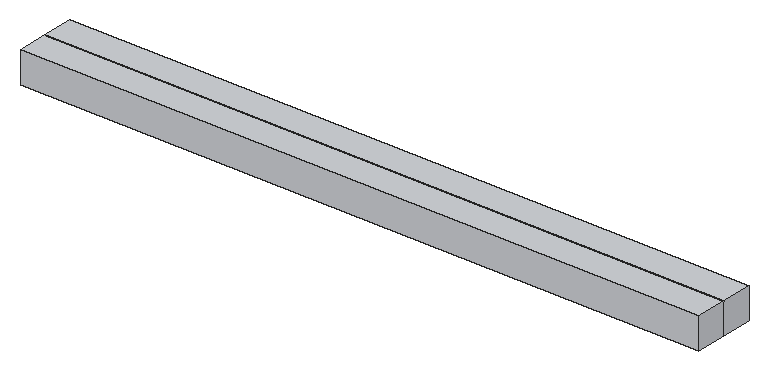
Revit family "Timber", category Structural Stiffeners, Revit 2020
Family settings
  Work Plane-Based = No
  Always vertical = Yes
  Cut with Voids When Loaded = No
  Shared = No
Parameters (values of type "Double_Timber")
  h [instance] = 100 mm
  b [instance] = 100 mm
  Single = no
  Material = none
  L [instance] = 2200 mm
  Double = yes
  Default Elevation = 0 mm
Types (3, lengths in mm): name | Single | Double
  (no name) | no | yes
  Single_Timber | yes | no
  Double_Timber | no | yes
Reference planes
  plane 1 "Center (Front/Back)": y = 0
  plane 2: z = 0
  plane 3 "Center (Left/Right)": x = 0
  plane 4: x = 1100
  plane 5: x = -1100
Forms (mm)
  Sweep 1, solid, material <- "Material", visible <- "Single"
    path origin (0, 0, 0) x (1, 0, 0) y (0, 1, 0)
      loop
        line (-1100, 0) -> (1100, 0)
    profile "Timber_Profile_Signle : Timber_Profile_Signle" origin (0, 0, 0) x (0, 1, 0) y (0, 0, 1)
      loop
        line (-50, 0) -> (-50, -100) -> (50, -100) -> (50, 0) -> (-50, 0)
  Sweep 2, solid, material <- "Material", visible <- "Double"
    path origin (0, 0, 0) x (1, 0, 0) y (0, 1, 0)
      loop
        line (1100, 0) -> (-1100, 0)
    profile "Timber_Profile_Double : Timber_Profile_Double" origin (0, 0, 0) x (0, -1, 0) y (0, 0, 1)
      loop
        line (0, 0) -> (0, -100) -> (100, -100) -> (100, 0) -> (0, 0)
  Sweep 3, solid, material <- "Material", visible <- "Double"
    path origin (0, 0, 0) x (1, 0, 0) y (0, -1, 0)
      loop
        line (1100, 0) -> (-1100, 0)
    profile "Timber_Profile_Double : Timber_Profile_Double" origin (0, 0, 0) x (0, -1, 0) y (0, 0, 1)
      loop
        line (0, 0) -> (-100, 0) -> (-100, -100) -> (0, -100) -> (0, 0)
Dimensions and locks
  equal spacing: plane 5, plane 3 "Center (Left/Right)", plane 4
  "L": plane 5 to plane 4
  aligned and locked: level to plane 2
  aligned and locked: plane 5 to Sweep 1 sketch curve
  aligned and locked: plane 4 to Sweep 1 sketch curve
  aligned and locked: plane 1 "Center (Front/Back)" to Sweep 1 sketch curve
  aligned and locked: plane 5 to Sweep 2 sketch curve
  aligned and locked: plane 4 to Sweep 2 sketch curve
  aligned and locked: Sweep 2 sketch curve to plane 1 "Center (Front/Back)"
  aligned and locked: plane 1 "Center (Front/Back)" to Sweep 3
  aligned and locked: Sweep 2 to plane 1 "Center (Front/Back)"
Automatic sketch dimensions
  plane 1 "Center (Front/Back)" to Sweep 3 sketch curve = 0 mm
  Sweep 3 sketch curve to plane 5 = 0 mm
  Sweep 3 sketch curve to plane 4 = 0 mm
